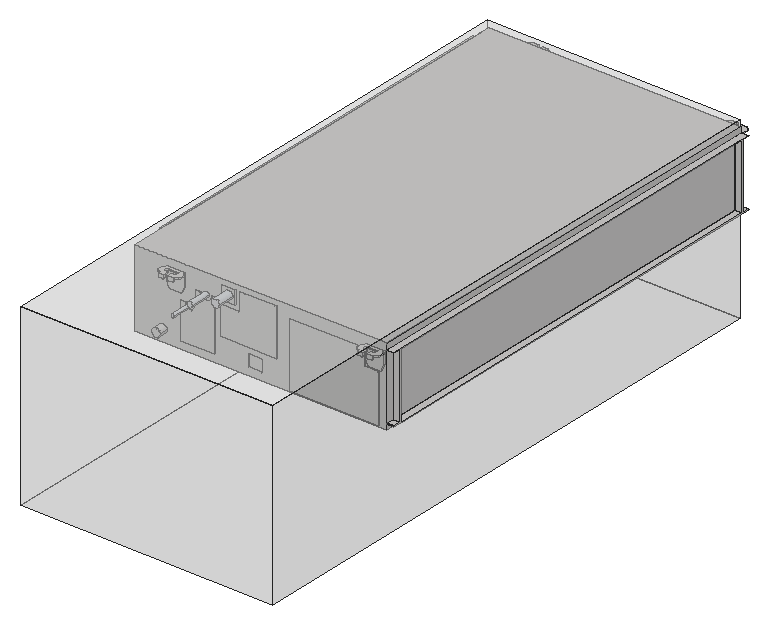
Revit family "outputfile", category 機械設備, Revit 2024
Family settings
  丸型コネクタ寸法 = 半径を使用
  パーツ タイプ = 標準
  OmniClass 番号 = 23.75.10.24.21.27.27
  OmniClass タイトル = Split System Air Conditioning Units
  作業面ベース = いいえ
  常に垂直 = はい
  ロード時にボイドで切り取り = いいえ
  注釈の向きを維持 = いいえ
  共有 = いいえ
  部屋計算ポイント = はい
Parameters (values of type "FXSQ100PAV4")
  Description = ""
  製造元 = "Daikin"
  書き出し IFC クラス(タイプ) = "IfcUnitaryEquipmentType"
  定義済み IFC タイプ(タイプ) = "AIRCONDITIONINGUNIT"
  Cost = 0
  モデル = "FXSQ100PAV4"
  Type Comments = ""
  Keynote = ""
  Type Image = (empty or 0)
  Assembly Code = ""
  r_Liquid Pipe Size = Liquid Pipe Size / 2  # 4.75 mm
  r_Gas Pipe Size = Gas Pipe Size / 2  # 7.95 mm
  r_Drain Pipe Size = Drain Pipe Size / 2  # 12.5 mm
  lw_power = 770.0 mm  # constant formula
  lh_SA = 138.0 mm  # constant formula
  lw_SA = if(Depth = 550.0 mm, 225.0 mm, if(Depth = 700.0 mm, 300.0 mm, if(Depth = 1000.0 mm, 450.0 mm, if(Depth = 1400.0 mm, 650.0 mm, 725.0 mm))))  # 650.0 mm
  lw_RA = if(Depth = 550.0 mm, 275.0 mm, if(Depth = 700.0 mm, 349.0 mm, if(Depth = 1000.0 mm, 499.0 mm, if(Depth = 1400.0 mm, 699.0 mm, 775.0 mm))))  # 699.0 mm
  lh_power = 60.0 mm + [h***]  # 60.0 mm
  lh_mountinghole1 = lh_mountinghole + [h***]  # 222.0 mm
  lh_RA = 123.0 mm  # constant formula
  ld_power = Depth / 2  # 700.0 mm
  Voltage_comment_60Hz = "220"
  Voltage_comment_50Hz = "220-240"
  Voltage_60Hz = 220 V
  Voltage_50Hz = 220 V
  URL = ""
  Supply Air Direction [instance] = yes
  Sound Power Level_H speed (dB) = 67
  Phase_60Hz = 1
  Phase_50Hz = 1
  Minimum External Static Pressure = 50.00 Pa
  Minimum Circuit Amps_60Hz = 2.5 A
  Minimum Circuit Amps_50Hz = 2.5 A
  Maximum Fuse Amps_60Hz = 16.0 A
  Maximum Fuse Amps_50Hz = 16.0 A
  Maximum External Static Pressure = 150.00 Pa
  Material_Casing = DAIKIN_GalvanizedSteel_Casing_indoorunit
  lw_mountinghole = 630.0 mm  # constant formula
  lh_gaspipe = 183.0 mm + [h***]  # 183.0 mm
  lh_mountinghole = 222.0 mm  # constant formula
  lh_liquidpipe = 136.0 mm + [h***]  # 136.0 mm
  lh_drainpipe = 207.0 mm + [h***]  # 207.0 mm
  lh_antena = Height - lh_mountinghole + 1.0 mm  # 24.0 mm
  ld_drainpipe = Depth / 2 + 53.0 mm  # 753.0 mm
  ld_liquidpipe = Depth / 2 + 69.0 mm  # 769.0 mm
  ld_gaspipe = Depth / 2 + 65.0 mm  # 765.0 mm
  ld_mountinghole = Depth + 38.0 mm  # 1438.0 mm
  h*** = 0.0 mm  # constant formula
  lw_liquidpipe = 179.0 mm  # constant formula
  lw_gaspipe = 229.0 mm  # constant formula
  lw_drainpipe = 300.0 mm  # constant formula
  Width = 800.0 mm
  Version = "ver.1.0"
  Unit Type = "Middle Static Pressure Duct Type"
  Unit Mass Weight = 46.00 kg
  Unit Designation [instance] = ""
  Uniclass2015Version = "Products v1.30"
  Uniclass2015Title = "Variable refrigerant flow units"
  Uniclass2015Code = "Pr_70_65_03_94"
  Total Heating Capacity [instance] = 0.000 kW
  Total Cooling Capacity [instance] = 0.000 kW
  Sound Pressure Level_M speed (dBA) = 0
  Sound Pressure Level_L speed (dBA) = 32
  Sound Pressure Level_H speed (dBA) = 39
  Series = "VRV Fan Coil Unit"
  Sensible Cooling Capacity [instance] = 0.000 kW
  SA Duct Size Width = if(Depth = 550.0 mm, 337.0 mm, if(Depth = 700.0 mm, 492.0 mm, if(Depth = 1000.0 mm, 792.0 mm, if(Depth = 1400.0 mm, 1192.0 mm, 1337.0 mm))))  # 1192.0 mm
  SA Duct Size Height = 176.0 mm
  Refrigerant Type = "R410A"
  RA Duct Size Width = if(Depth = 550.0 mm, 502.0 mm, if(Depth = 700.0 mm, 654.0 mm, if(Depth = 1000.0 mm, 952.0 mm, if(Depth = 1400.0 mm, 1352.0 mm, 1502.0 mm))))  # 1352.0 mm
  RA Duct Size Height = 208.0 mm
  Power Input (Heating) = 0.326 kW
  Power Input (Cooling) = 0.331 kW
  Option Accessory 3 [instance] = ""
  Option Accessory 2 [instance] = ""
  Option Accessory 1 [instance] = ""
  Nominal Heating Capacity = 12.500 kW
  Nominal Cooling Capacity = 11.200 kW
  Minimum Airflow = 1350.00 m³/h
  Median Airflow = 1620.00 m³/h
  Maximum Airflow = 1920.00 m³/h
  Load Classification = HVAC
  Liquid Pipe Size = 9.5 mm
  Link_Nested Family [instance] = ""
  IfcVersion = "0"
  IfcExportType = "AIRCONDITIONINGUNIT"
  IfcExportAs = "IfcUnitaryEquipmentType"
  Height = 245.0 mm
  Heating Entering Wet Bulb Temperature [instance] = 0.00 °C
  Heating Entering Dry Bulb Temperature [instance] = 0.00 °C
  Heating Ambient Wet Bulb Temperature [instance] = 0.00 °C
  Heating Ambient Dry Bulb Temperature [instance] = 0.00 °C
  Heat Exchanger Type = "Cross Fin Coil"
  Gas Pipe Size = 15.9 mm
  Frequency_60Hz = 60 Hz
  Frequency_50Hz = 50 Hz
  Fan Type = "Sirocco Fan"
  Fan Drive = "Direct Drive"
  FCU Tag No. [instance] = ""
  Drain Pipe Size = 25.0 mm
  Design Supply Airflow [instance] = 0.00 m³/h
  Design Return Airflow [instance] = 0.00 m³/h
  Design External Static Pressure [instance] = 0.00 Pa
  Depth = 1400.0 mm
  既定の高さ = 0.0 mm
  Cooling Entering Wet Bulb Temperature [instance] = 0.00 °C
  Cooling Entering Dry Bulb Temperature [instance] = 0.00 °C
  Cooling Ambient Wet Bulb Temperature [instance] = 0.00 °C
  Cooling Ambient Dry Bulb Temperature [instance] = 0.00 °C
  Clearance visibility [instance] = yes
  Clearance Top = 20.0 mm
  Clearance Right = 0.0 mm
  Clearance Rear = 0.0 mm
  Clearance Left = 0.0 mm
  Clearance Front = 450.0 mm
  Clearance Bottom = 300.0 mm
Reference planes
  plane 1 "Center (Front/Back)": y = 0
  plane 2 "h": z = 0
  plane 3 "Center (Left/Right)": x = 0
  plane 4 "Back": y = 700
  plane 5 "Front": y = -700
  plane 6 "Left": x = -400
  plane 7 "Reight": x = 400
  plane 8 "Top": z = 0
  plane 9 "Bottom": z = -245
  plane 10: y = -215
  plane 11: y = 700
  plane 12: y = -1150
  plane 13: x = -400
  plane 14: x = 400
  plane 15: z = 20
  plane 16: z = -545
  plane 17: x = -400
  plane 18: x = -399
  plane 19: x = 399
  plane 20: y = 50
  plane 21: y = -1
  plane 22: z = -122
  plane 23: y = -701
  plane 24: z = -109
  plane 25: x = -221
  plane 26: y = -765
  plane 27: z = -62
  plane 28: x = -171
  plane 29: y = -753
  plane 30: z = -38
  plane 31: x = -100
  plane 32: x = -100
  plane 33: x = -221
  plane 34: x = -171
  plane 35: x = 370
  plane 36: x = -266
  plane 37: x = 364
  plane 38: y = -719
  plane 39: y = 719
  plane 40: z = -23
  plane 41: z = -107
  plane 42: y = -770
  plane 43: z = -207
  plane 44: x = -309
  plane 45: y = -726
  plane 46: x = -251
  plane 47: x = -203
  plane 48: x = -144
  plane 49: z = -59
  plane 50: z = -106
  plane 51: z = -221
  plane 52: z = -109
  plane 53: x = -221
  plane 54: z = -62
  plane 55: x = -171
  plane 56: z = -17
  plane 57: z = -59
  plane 58: x = -121
  plane 59: x = -79
  plane 60: x = -125
  plane 61: x = -64
  plane 62: x = 53
  plane 63: z = -164
  plane 64: z = -73
  plane 65: z = -16
  plane 66: x = 93.5
  plane 67: x = 374.5
  plane 68: x = 330
  plane 69: z = -88.5
  plane 70: z = -38
  plane 71: z = -242.5
  plane 72: x = -38.5
  plane 73: x = 6.5
  plane 74: z = -181
  plane 75: z = -221
  plane 76: y = -699
  plane 77: x = -424
  plane 78: x = 424
Forms (mm)
  Extrusion 1, solid, material "DAIKIN_GalvanizedSteel_Casing_indoorunit" <- "Material_Casing"
    sketch origin (0, 0, 0) x (1, 0, 0) y (0, 1, 0)
      loop
        line (-399, 700) -> (-399, -700) -> (399, -700) -> (399, 700) -> (-399, 700)
    from -245 to 0
  Extrusion 2, solid, material "DAIKIN_GalvanizedSteel_Casing_indoorunit" <- "Material_Casing"
    sketch origin (0, 0, 0) x (1, 0, 0) y (0, 0, 1)
      loop
        line (-251, -221) -> (-144, -221) -> (-144, -59) -> (-154.47, -59)
        arc (-154.47, -59) -> (-171, -78.8) -> (-187.53, -59) r 16.8
        line (-187.53, -59) -> (-203, -59) -> (-203, -106) -> (-206.916, -106)
        arc (-206.916, -106) -> (-221, -123.4) -> (-235.084, -106) r 14.4
        line (-235.084, -106) -> (-251, -106) -> (-251, -221)
    from 700 to 701
  Extrusion 3, solid, material "DAIKIN_GalvanizedSteel_Casing_indoorunit" <- "Material_Casing"
    sketch origin (0, 0, 0) x (1, 0, 0) y (0, 0, 1)
      loop
        line (-121, -17) -> (-121, -59) -> (-79, -59) -> (-79, -17) -> (-121, -17)
      loop
        line (-125, -73) -> (-125, -164) -> (53, -164) -> (53, -16) -> (-64, -16) -> (-64, -73) -> (-125, -73)
    from 700 to 701
  Extrusion 4, solid, material "DAIKIN_GalvanizedSteel_Casing_indoorunit" <- "Material_Casing"
    sketch origin (0, 0, 0) x (1, 0, 0) y (0, 0, 1)
      loop
        line (93.5, -38) -> (93.5, -242.5) -> (374.5, -242.5) -> (374.5, -88.5) -> (330, -88.5) -> (330, -38) -> (93.5, -38)
    from 700 to 701
  Extrusion 5, solid
    sketch origin (0, 0, 0) x (1, 0, 0) y (0, 0, 1)
      loop
        circle (-221, -109) r 4.75
    from 700 to 770
  Extrusion 6, solid
    sketch origin (0, 0, 0) x (1, 0, 0) y (0, 0, 1)
      loop
        circle (-171, -62) r 7.95
    from 700 to 765
  Extrusion 7, solid
    sketch origin (0, 0, 0) x (1, 0, 0) y (0, 0, 1)
      loop
        circle (-100, -38) r 12.5
    from 701 to 753
  Extrusion 8, solid, material "DAIKIN_GalvanizedSteel_Casing_indoorunit" <- "Material_Casing"
    sketch origin (0, 0, 0) x (1, 0, 0) y (0, 0, 1)
      loop
        circle (-309, -207) r 13
    from 700 to 726
  Extrusion 9, void
    sketch origin (0, 0, 0) x (1, 0, 0) y (0, 0, 1)
      loop
        line (-38.5, -181) -> (-38.5, -221) -> (6.5, -221) -> (6.5, -181) -> (-38.5, -181)
    from 699 to 700
Cuts and joins
  Extrusion 9 cuts Extrusion 1
Dimensions and locks
  "Height": plane 8 "Top" to plane 9 "Bottom"
  equal spacing: plane 4 "Back", plane 1 "Center (Front/Back)", plane 5 "Front"
  "Depth": plane 4 "Back" to plane 5 "Front"
  equal spacing: plane 6 "Left", plane 3 "Center (Left/Right)", plane 7 "Reight"
  "Width": plane 6 "Left" to plane 7 "Reight"
  "Clearance Left": plane 13 to plane 6 "Left"
  "Clearance Right": plane 7 "Reight" to plane 14
  "Clearance Rear": plane 11 to plane 4 "Back"
  "Clearance Front": plane 5 "Front" to plane 12
  "Clearance Top": plane 15 to plane 8 "Top"
  "Clearance Bottom": plane 9 "Bottom" to plane 16
  locked: plane 17 to plane 18 at 1
  locked: plane 19 to plane 14 at 1
  "lw_SA": plane 11 to plane 20
  "lw_RA": plane 21 to plane 5 "Front"
  "lh_RA": plane 22 to plane 9 "Bottom"
  locked: plane 5 "Front" to plane 23 at 1
  "lw_liquidpipe": plane 25 to plane 6 "Left"
  "lh_liquidpipe": plane 24 to plane 9 "Bottom"
  "lh_gaspipe": plane 27 to plane 9 "Bottom"
  "lw_gaspipe": plane 28 to plane 6 "Left"
  "ld_gaspipe": plane 26 to plane 1 "Center (Front/Back)"
  "ld_drainpipe": plane 29 to plane 1 "Center (Front/Back)"
  "lh_drainpipe": plane 30 to plane 9 "Bottom"
  "lw_drainpipe": plane 31 to plane 6 "Left"
  "lw_drainpipe": plane 6 "Left" to plane 32
  "lw_liquidpipe": plane 6 "Left" to plane 33
  "lw_gaspipe": plane 6 "Left" to plane 34
  "lw_power": plane 6 "Left" to plane 35
  locked: plane 17 to plane 36 at 134
  "lw_mountinghole": plane 36 to plane 37
  equal spacing: plane 38, plane 1 "Center (Front/Back)", plane 39
  "ld_mountinghole": plane 39 to plane 38
  "lh_mountinghole": plane 40 to plane 9 "Bottom"
  "lh_SA": plane 41 to plane 9 "Bottom"
  "ld_liquidpipe": plane 21 to plane 42
  locked: plane 44 to plane 6 "Left" at 91
  locked: plane 43 to plane 9 "Bottom" at 38
  locked: plane 5 "Front" to plane 45 at 26
  plane 48 to plane 47 to plane 46 to plane 6 "Left" = 59.0 mm, 48.0 mm, 149.0 mm
  plane 8 "Top" to plane 49 to plane 50 to plane 51 = 59.0 mm locked, 47.0 mm locked, 115.0 mm locked
  plane 55 to plane 53 to plane 6 "Left" = 50.0 mm locked, 179.0 mm locked
  plane 54 to plane 52 to plane 9 "Bottom" = 47.0 mm locked, 136.0 mm locked
  plane 59 to plane 58 to plane 6 "Left" = 42.0 mm locked, 279.0 mm locked
  plane 8 "Top" to plane 56 to plane 57 = 17.0 mm locked, 42.0 mm locked
  plane 62 to plane 61 to plane 60 to plane 6 "Left" = 117.0 mm, 61.0 mm, 275.0 mm
  plane 8 "Top" to plane 65 to plane 64 = 16.0 mm locked, 57.0 mm locked
  locked: plane 65 to plane 63 at 148
  plane 8 "Top" to plane 70 to plane 69 to plane 71 = 38.0 mm locked, 50.5 mm locked, 154.0 mm locked
  plane 67 to plane 68 to plane 66 to plane 6 "Left" = 44.5 mm locked, 236.5 mm locked, 493.5 mm locked
  plane 8 "Top" to plane 74 to plane 75 = 181.0 mm locked, 40.0 mm locked
  plane 73 to plane 72 to plane 6 "Left" = 45.0 mm, 361.5 mm
  locked: plane 76 to plane 5 "Front" at 1
  locked: plane 77 to plane 17 at 24
  locked: plane 14 to plane 78 at 24
  locked: Extrusion 4 sketch curve to plane 9 "Bottom" at 2.5
  "r_Liquid Pipe Size": radius of Extrusion 5 sketch curve
  "r_Gas Pipe Size": radius of Extrusion 6 sketch curve
  "r_Drain Pipe Size": radius of Extrusion 7 sketch curve
  aligned and locked: level to plane 2 "h"
  aligned and locked: plane 8 "Top" to Extrusion 1
  aligned and locked: Extrusion 1 to plane 9 "Bottom"
  aligned and locked: nested 5 to plane 12
  aligned and locked: plane 13 to nested 5
  aligned and locked: plane 14 to nested 5
  aligned and locked: nested 5 to plane 13
  aligned and locked: plane 11 to nested 5
  aligned and locked: plane 15 to nested 5
  aligned and locked: plane 16 to nested 5
  aligned and locked: plane 5 "Front" to Extrusion 1 sketch curve
  aligned and locked: Extrusion 1 to plane 18
  aligned and locked: plane 19 to Extrusion 1
  aligned and locked: nested 7 to plane 18
  aligned and locked: nested 7 to plane 20
  aligned and locked: plane 19 to nested 8
  aligned and locked: plane 21 to nested 8
  aligned and locked: plane 22 to nested 8
  aligned and locked: Extrusion 2 to plane 23
  aligned and locked: plane 5 "Front" to Extrusion 2
  aligned and locked: Extrusion 3 to plane 23
  aligned and locked: plane 5 "Front" to Extrusion 3
  aligned and locked: plane 5 "Front" to Extrusion 4
  aligned and locked: Extrusion 5 sketch curve to plane 25
  aligned and locked: plane 24 to Extrusion 5 sketch curve
  aligned and locked: plane 5 "Front" to Extrusion 5
  aligned and locked: Extrusion 6 sketch curve to plane 28
  aligned and locked: plane 27 to Extrusion 6 sketch curve
  aligned and locked: plane 5 "Front" to Extrusion 6
  aligned and locked: Extrusion 7 sketch curve to plane 31
  aligned and locked: Extrusion 7 sketch curve to plane 30
  aligned and locked: Extrusion 7 to plane 29
  aligned and locked: plane 23 to Extrusion 7
  aligned and locked: nested 3 to plane 29
  aligned and locked: nested 3 to plane 32
  aligned and locked: nested 2 to plane 33
  aligned and locked: nested 1 to plane 34
  aligned and locked: Extrusion 6 to plane 26
  aligned and locked: nested 1 to plane 26
  aligned and locked: nested 6 to plane 5 "Front"
  aligned and locked: nested 6 to plane 35
  aligned and locked: plane 36 to nested 10
  aligned and locked: nested 10 to plane 5 "Front"
  aligned and locked: plane 37 to nested 9
  aligned and locked: nested 9 to plane 5 "Front"
  aligned and locked: nested 11 to plane 36
  aligned and locked: plane 4 "Back" to nested 11
  aligned and locked: nested 12 to plane 37
  aligned and locked: plane 4 "Back" to nested 12
  aligned and locked: plane 40 to nested 10
  aligned and locked: plane 40 to nested 11
  aligned and locked: plane 40 to nested 9
  aligned and locked: plane 40 to nested 12
  aligned and locked: plane 36 to nested 14
  aligned and locked: nested 14 to plane 39
  aligned and locked: plane 37 to nested 13
  aligned and locked: nested 13 to plane 39
  aligned and locked: plane 37 to nested 16
  aligned and locked: plane 38 to nested 16
  aligned and locked: plane 38 to nested 15
  aligned and locked: plane 36 to nested 15
  aligned and locked: plane 17 to plane 6 "Left"
  aligned and locked: plane 41 to nested 7
  aligned and locked: Extrusion 5 to plane 42
  aligned and locked: nested 2 to plane 42
  aligned and locked: Extrusion 8 sketch curve to plane 44
  aligned and locked: plane 43 to Extrusion 8 sketch curve
  aligned and locked: plane 5 "Front" to Extrusion 8
  aligned and locked: plane 45 to Extrusion 8
  aligned and locked: Extrusion 3 sketch curve to plane 56
  aligned and locked: Extrusion 3 sketch curve to plane 58
  aligned and locked: plane 57 to Extrusion 3 sketch curve
  aligned and locked: plane 59 to Extrusion 3 sketch curve
  aligned and locked: Extrusion 4 to plane 23
  aligned and locked: Extrusion 9 sketch curve to plane 74
  aligned and locked: plane 75 to Extrusion 9 sketch curve
  aligned and locked: plane 73 to Extrusion 9 sketch curve
  aligned and locked: plane 5 "Front" to Extrusion 9
  aligned and locked: plane 76 to Extrusion 9
  aligned and locked: nested 17 to plane 20
  aligned and locked: nested 17 to plane 77
  aligned and locked: plane 21 to nested 18
  aligned and locked: plane 78 to nested 18
  aligned and locked: plane 41 to nested 17
  aligned and locked: nested 18 to plane 22
  aligned and locked: nested 4 to plane 3 "Center (Left/Right)"
  aligned and locked: plane 1 "Center (Front/Back)" to nested 4
  aligned and locked: level to plane 8 "Top"
Automatic sketch dimensions
  plane 6 "Left" to Extrusion 1 sketch curve = 1.0 mm
  Extrusion 1 sketch curve to plane 7 "Reight" = 1.0 mm
  Extrusion 1 sketch curve to plane 4 "Back" = 0.0 mm
  Extrusion 2 sketch curve to plane 46 = 0.0 mm
  Extrusion 2 sketch curve to plane 33 = 0.0 mm
  Extrusion 2 sketch curve to plane 47 = 0.0 mm
  Extrusion 2 sketch curve to plane 34 = 0.0 mm
  Extrusion 2 sketch curve to plane 48 = 0.0 mm
  Extrusion 2 sketch curve to plane 52 = 0.0 mm
  Extrusion 2 sketch curve to plane 50 = 0.0 mm  (x3)
  Extrusion 2 sketch curve to plane 54 = 0.0 mm
  Extrusion 2 sketch curve to plane 49 = 0.0 mm  (x3)
  plane 33 to Extrusion 2 sketch curve = 14.084 mm
  plane 34 to Extrusion 2 sketch curve = 16.53 mm
  Extrusion 3 sketch curve to plane 60 = 0.0 mm
  Extrusion 3 sketch curve to plane 61 = 0.0 mm
  Extrusion 3 sketch curve to plane 62 = 0.0 mm
  Extrusion 3 sketch curve to plane 64 = 0.0 mm
  Extrusion 3 sketch curve to plane 65 = 0.0 mm
  Extrusion 4 sketch curve to plane 66 = 0.0 mm
  Extrusion 4 sketch curve to plane 68 = 0.0 mm
  Extrusion 4 sketch curve to plane 67 = 0.0 mm
  Extrusion 4 sketch curve to plane 69 = 0.0 mm
  Extrusion 4 sketch curve to plane 70 = 0.0 mm
  Extrusion 9 sketch curve to plane 72 = 0.0 mm
  Extrusion 2 sketch curve to plane 51 = 0.0 mm
  Extrusion 3 sketch curve to plane 63 = 0.0 mm
  radius of Extrusion 8 sketch curve = 13.0 mm
Nested families
  nested 1: "daikin_connector_rotate2" at (-171, 0, -62), length <- "ld_gaspipe", built-in parameter 1001364 <- "lh_gaspipe", radius <- "r_Gas Pipe Size", type "daikin_connector_rotate2"
    with radius 7.95 mm, length 765.0 mm, angle_vertical 90.00°
  nested 2: "daikin_connector_rotate2" at (-221, -1, -109), length <- "ld_liquidpipe", built-in parameter 1001364 <- "lh_liquidpipe", radius <- "r_Liquid Pipe Size", type "daikin_connector_rotate2"
    with radius 4.75 mm, length 769.0 mm, angle_vertical 90.00°
  nested 3: "daikin_connector_rotate2" at (-100, 0, -38), length <- "ld_drainpipe", built-in parameter 1001364 <- "lh_drainpipe", radius <- "r_Drain Pipe Size", type "daikin_connector_rotate2"
    with radius 12.5 mm, length 753.0 mm, angle_vertical 90.00°
  nested 4: "daikin_△_symbolicline" at (0, 0, 245) x (0, -1, 0) z (0, 0, 1), built-in parameter 1001364 <- "Height", visible <- "Supply Air Direction", type "daikin_△_symbolicline"
    with length 200.0 mm
  nested 5: "daikin_clearancespace" at (0, -225, -262.381), visible <- "Clearance visibility", show <- "Clearance visibility", Link_Nested Family <- "Link_Nested Family", type "daikin_clearancespace"
    with width 800.0 mm, show yes, height 565.0 mm, depth 1850.0 mm, Link_Nested Family ""
  nested 6: "daikin_connector_rotate2" at (370, 0, -185), built-in parameter 1001364 <- "lh_power", length <- "ld_power", type "daikin_connector_rotate2"
    with radius 10.0 mm, length 700.0 mm, angle_vertical 90.00°
  nested 7: "daikin_ductflange_FXSQ-PAV4_2" at (-399, 50, -107) x (0, -1, 0) z (0, 0, 1), type "daikin_ductflange_FXSQ-PAV4_2"
    with width 1192.0 mm, w 1400.0 mm
  nested 8: "daikin_ductflange_FXSQ-PAV4_1" at (399, -1, -122) x (0, 1, 0) z (0, 0, 1), type "daikin_ductflange_FXSQ-PAV4_1"
    with width 1352.0 mm, w 1400.0 mm
  nested 9: "daikin_hangerfixture_FXSQ-PAV4" at (364, -700, -23), type "daikin_hangerfixture_FXSQ-PAV4"
  nested 10: "daikin_hangerfixture_FXSQ-PAV4" at (-266, -700, -23), type "daikin_hangerfixture_FXSQ-PAV4"
  nested 11: "daikin_hangerfixture_FXSQ-PAV4" at (-266, 700, -23) x (-1, 0, 0) z (0, 0, 1), type "daikin_hangerfixture_FXSQ-PAV4"
  nested 12: "daikin_hangerfixture_FXSQ-PAV4" at (364, 700, -23) x (-1, 0, 0) z (0, 0, 1), type "daikin_hangerfixture_FXSQ-PAV4"
  nested 13: "daikin_mountinghole" at (364, 719, -245), h_mountinghole <- "lh_mountinghole1", l_antenna <- "lh_antena", Link_Nested Family <- "Link_Nested Family", type "daikin_mountinghole"
    with show yes, l_antenna 24.0 mm, h_mountinghole 222.0 mm, Link_Nested Family ""
  nested 14: "daikin_mountinghole" at (-266, 719, -245), h_mountinghole <- "lh_mountinghole1", l_antenna <- "lh_antena", Link_Nested Family <- "Link_Nested Family", type "daikin_mountinghole"
    with show yes, l_antenna 24.0 mm, h_mountinghole 222.0 mm, Link_Nested Family ""
  nested 15: "daikin_mountinghole" at (-266, -719, -245), h_mountinghole <- "lh_mountinghole1", l_antenna <- "lh_antena", Link_Nested Family <- "Link_Nested Family", type "daikin_mountinghole"
    with show yes, l_antenna 24.0 mm, h_mountinghole 222.0 mm, Link_Nested Family ""
  nested 16: "daikin_mountinghole" at (364, -719, -245), h_mountinghole <- "lh_mountinghole1", l_antenna <- "lh_antena", Link_Nested Family <- "Link_Nested Family", type "daikin_mountinghole"
    with show yes, l_antenna 24.0 mm, h_mountinghole 222.0 mm, Link_Nested Family ""
  nested 17: "daikin_connector_rotate2" at (-400, 50, -107) x (0, -1, 0) z (0, 0, 1), type "daikin_connector_rotate2"
    with radius 10.0 mm, length 24.0 mm, angle_vertical 90.00°
  nested 18: "daikin_connector_rotate2" at (400, -1, -122) x (0, 1, 0) z (0, 0, 1), type "daikin_connector_rotate2"
    with radius 10.0 mm, length 24.0 mm, angle_vertical 90.00°
Connectors
  piping at (-100, -753, -38), diameter 25, driven by "r_Drain Pipe Size"
    settings: on nested 3, index 3, connector inside diameter 609.6 mm, connector length 0.0 mm, flow factor 0, pipe flow 0.00 m³/h, pressure drop 0.0 Pa, fitting loss kfactor 0, connector angle 0.00°, fixture units 0, engagement length 0.0 mm, angle of deflection 0.00°, flow configuration 1, flow direction 2, fitting loss method 4, system type 16, joint type 0, gender type 0, connector reference index -1, connector utility 0, adjustable connector no, is connector primary yes, connector description "Condensate Drain Piping"
  piping at (-171, -765, -62), diameter 15.9, driven by "r_Gas Pipe Size"
    settings: on nested 1, index 4, connector inside diameter 609.6 mm, connector length 0.0 mm, flow factor 0, pipe flow 0.00 m³/h, pressure drop 0.0 Pa, fitting loss kfactor 0, connector angle 0.00°, fixture units 0, engagement length 0.0 mm, angle of deflection 0.00°, flow configuration 1, flow direction 2, fitting loss method 0, system type 29, joint type 0, gender type 0, connector reference index -1, connector utility 0, adjustable connector no, is connector primary no, connector description "Refrigerant Gas Piping"
  piping at (-221, -770, -109), diameter 9.5, driven by "r_Liquid Pipe Size"
    settings: on nested 2, index 5, connector inside diameter 609.6 mm, connector length 0.0 mm, flow factor 0, pipe flow 0.00 m³/h, pressure drop 0.0 Pa, fitting loss kfactor 0, connector angle 0.00°, fixture units 0, engagement length 0.0 mm, angle of deflection 0.00°, flow configuration 1, flow direction 1, fitting loss method 0, system type 29, joint type 0, gender type 0, connector reference index -1, connector utility 0, adjustable connector no, is connector primary no, connector description "Refrigerant Liquid Piping"
  electrical at (370, -700, -185), driven by "Load Classification"
    settings: on nested 6, index 6, voltage 0 V, apparent load 0 VA, apparent load phase1 0 VA, apparent load phase2 0 VA, apparent load phase3 0 VA, power factor 1, load classification "HVAC", number of poles 1, system type 30, power factor state 1, is connector primary yes, connector utility no, sub classification motor no, connector description "Power Supply"
  hvac at (-424, 50, -107), driven by "SA Duct Size Height", driven by "SA Duct Size Width"
    settings: on nested 17, index 7, duct flow 0.00 m³/h, flow factor 0, pres drop 0.00 Pa, loss coef 0, conn angle 0.00°, conn width 1192.0 mm, conn height 176.0 mm, conn diameter 609.6 mm, duct sys type 1, conn prof type 1, flow config 0, flow direction 2, loss method 4, conn ref index -1, conn util no, is conn primary yes, conn desc "SA Duct"
  hvac at (424, -1, -122), driven by "RA Duct Size Height", driven by "RA Duct Size Width"
    settings: on nested 18, index 8, duct flow 0.00 m³/h, flow factor 0, pres drop 0.00 Pa, loss coef 0, conn angle 0.00°, conn width 1352.0 mm, conn height 208.0 mm, conn diameter 609.6 mm, duct sys type 2, conn prof type 1, flow config 0, flow direction 1, loss method 4, conn ref index -1, conn util no, is conn primary no, conn desc "RA Duct"
Definition of nested family "daikin_clearancespace"
  Parameters (values of type "daikin_clearancespace")
    width [instance] = 1823.963 mm
    show [instance] = yes
    material = none
    height [instance] = 1359.762 mm
    depth [instance] = 880.0 mm
    Default Elevation = 0.0 mm
    Link_Nested Family [instance] = ""
  Reference planes
    plane 1 "Center (Front/Back)": y = 0
    plane 2 "Center (Elevation)": z = -0.119
    plane 3 "Center (Left/Right)": x = 0
    plane 4: y = 440
    plane 5: y = -440
    plane 6 "Right": x = 911.982
    plane 7 "Left": x = -911.982
    plane 8 "Top": z = 679.762
    plane 9 "Bottom": z = -680
  Forms (mm)
    Extrusion 1, solid, material <- "material", visible <- "show"
      sketch origin (0, 0, 0) x (1, 0, 0) y (0, 1, 0)
        loop
          line (-911.982, 440) -> (-911.982, -440) -> (911.982, -440) -> (911.982, 440) -> (-911.982, 440)
      from -680 to 679.762
  Lines and regions (mm)
    symbolic lines, visible <- "show"
      curve 1: line (911.982, 440, 0) -> (-911.982, 440, 0)
      curve 2: line (-911.982, 440, 0) -> (-911.982, -440, 0)
      curve 3: line (-911.982, -440, 0) -> (911.982, -440, 0)
      curve 4: line (911.982, -440, 0) -> (911.982, 440, 0)
      curve 5: line (911.982, 0, 679.762) -> (-911.982, 0, 679.762)
      curve 6: line (911.982, 0, -680) -> (911.982, 0, 679.762)
      curve 7: line (-911.982, 0, -680) -> (911.982, 0, -680)
      curve 8: line (-911.982, 0, 679.762) -> (-911.982, 0, -680)
      curve 9: line (0, 440, 679.762) -> (0, -440, 679.762)
      curve 10: line (0, -440, 679.762) -> (0, -440, -680)
      curve 11: line (0, 440, -680) -> (0, 440, 679.762)
      curve 12: line (0, -440, -680) -> (0, 440, -680)
  Dimensions and locks
    "width": plane 7 "Left" to plane 6 "Right"
    "depth": plane 4 to plane 5
    "height": plane 8 "Top" to plane 9 "Bottom"
    equal spacing: plane 7 "Left", plane 3 "Center (Left/Right)", plane 6 "Right"
    equal spacing: plane 4, plane 1 "Center (Front/Back)", plane 5
    equal spacing: plane 8 "Top", plane 2 "Center (Elevation)", plane 9 "Bottom"
    aligned and locked: level to plane 2 "Center (Elevation)"
    aligned and locked: Extrusion 1 sketch curve to plane 4
    aligned and locked: plane 7 "Left" to Extrusion 1 sketch curve
    aligned and locked: Extrusion 1 sketch curve to plane 5
    aligned and locked: Extrusion 1 sketch curve to plane 6 "Right"
    aligned and locked: plane 8 "Top" to Extrusion 1
    aligned and locked: curve 1 to Extrusion 1
    aligned and locked: curve 2 to Extrusion 1
    aligned and locked: curve 3 to Extrusion 1
    aligned and locked: curve 4 to Extrusion 1
    aligned and locked: curve 5 to Extrusion 1
    aligned and locked: curve 6 to Extrusion 1
    aligned and locked: curve 7 to Extrusion 1
    aligned and locked: curve 8 to Extrusion 1
    aligned and locked: curve 9 to Extrusion 1
    aligned and locked: curve 10 to Extrusion 1
    aligned and locked: curve 11 to Extrusion 1
    aligned and locked: curve 12 to Extrusion 1
    aligned and locked: Extrusion 1 to plane 9 "Bottom"
Definition of nested family "daikin_ductflange_FXSQ-PAV4_2"
  Parameters (values of type "daikin_ductflange_FXMQ-PAVE2")
    width = if(w = 550.0 mm, 337.0 mm, if(w = 700.0 mm, 492.0 mm, if(w = 1000.0 mm, 792.0 mm, if(w = 1400.0 mm, 1192.0 mm, 1337.0 mm))))  # 337.0 mm
    material = none
    height = 215.0 mm
    depth = 1.0 mm
    w = 550.0 mm
    Default Elevation = 0.0 mm
  Reference planes
    plane 1 "Center (Front/Back)": y = 0
    plane 2: z = 0
    plane 3 "Center (Left/Right)": x = 0
    plane 4: z = 88
    plane 5: z = -88
    plane 6: y = -25
    plane 7: z = 106
    plane 8: z = 89
    plane 9: y = -1
    plane 10: x = -192.5
    plane 11: x = 192.5
    plane 12: z = -106
    plane 13: z = -89
    plane 14: y = -1
    plane 15: x = 168.5
    plane 16: x = -168.5
    plane 17: x = 169.5
    plane 18: z = 87
    plane 19: z = -87
    plane 20: x = -169.5
    plane 21: z = 87
    plane 22: z = -87
    plane 23: y = -1
  Forms (mm)
    Extrusion 1, solid, material <- "material"
      sketch origin (0, 0, 0) x (0, 1, 0) y (0, 0, 1)
        loop
          line (-25, 88) -> (0, 88) -> (0, 106) -> (-1, 106) -> (-1, 89) -> (-25, 89) -> (-25, 88)
      from -192.5 to 192.5
    Extrusion 2, solid, material <- "material"
      sketch origin (0, 0, 0) x (0, 1, 0) y (0, 0, 1)
        loop
          line (-25, -88) -> (-25, -89) -> (-1, -89) -> (-1, -106) -> (0, -106) -> (0, -88) -> (-25, -88)
      from -192.5 to 192.5
    Extrusion 3, solid, material <- "material"
      sketch origin (0, 0, 0) x (1, 0, 0) y (0, 0, 1)
        loop
          line (168.5, 88) -> (168.5, -88) -> (192.5, -88) -> (192.5, -87) -> (169.5, -87) -> (169.5, 87) -> (192.5, 87) -> (192.5, 88) -> (168.5, 88)
      from 0 to 25
    Extrusion 4, solid, material <- "material"
      sketch origin (0, 0, 0) x (1, 0, 0) y (0, 0, 1)
        loop
          line (-192.5, 88) -> (-192.5, 87) -> (-169.5, 87) -> (-169.5, -87) -> (-192.5, -87) -> (-192.5, -88) -> (-168.5, -88) -> (-168.5, 88) -> (-192.5, 88)
      from 0 to 25
    Extrusion 5, solid, material <- "material"
      sketch origin (0, 0, 0) x (1, 0, 0) y (0, 0, 1)
        loop
          line (-192.5, 88) -> (-192.5, -88) -> (-168.5, -88) -> (-168.5, 88) -> (-192.5, 88)
        loop
          line (192.5, 88) -> (168.5, 88) -> (168.5, -88) -> (192.5, -88) -> (192.5, 88)
      from 0 to 1
  Cuts and joins
    joined: Extrusion 1, Extrusion 2, Extrusion 3, Extrusion 4, Extrusion 5
  Dimensions and locks
    plane 4 to level to plane 5 = 88.0 mm, 88.0 mm
    locked: plane 6 to plane 1 "Center (Front/Back)" at 25
    locked: plane 9 to plane 1 "Center (Front/Back)" at 1
    locked: plane 8 to plane 4 at 1
    locked: plane 16 to plane 10 at 24
    locked: plane 17 to plane 15 at 1
    locked: plane 4 to plane 18 at 1
    locked: plane 19 to plane 5 at 1
    "width": plane 15 to plane 16
    plane 4 to plane 5 = 176.0 mm
    locked: plane 16 to plane 20 at 1
    locked: plane 4 to plane 21 at 1
    locked: plane 22 to plane 5 at 1
    locked: plane 23 to plane 1 "Center (Front/Back)" at 1
    plane 4 to level to plane 5 = 88.0 mm locked, 88.0 mm locked
    locked: plane 5 to plane 13 at 1
    locked: plane 5 to plane 12 at 18
    locked: plane 7 to plane 4 at 18
    equal spacing: plane 15, plane 3 "Center (Left/Right)", plane 16
    locked: plane 11 to plane 15 at 24
    plane 11 to plane 10 = 385.0 mm
    aligned and locked: level to plane 2
    aligned and locked: Extrusion 1 to plane 10
    aligned and locked: plane 11 to Extrusion 1
    aligned and locked: plane 5 to Extrusion 2
    aligned and locked: Extrusion 2 to plane 1 "Center (Front/Back)"
    aligned and locked: plane 15 to Extrusion 3 sketch curve
    aligned and locked: Extrusion 3 sketch curve to Extrusion 2  (x2)
    aligned and locked: Extrusion 3 sketch curve to plane 11
    aligned and locked: plane 6 to Extrusion 3
    aligned and locked: Extrusion 2 to plane 10
    aligned and locked: plane 11 to Extrusion 2
    aligned and locked: Extrusion 4 sketch curve to Extrusion 1  (x2)
    aligned and locked: plane 5 to Extrusion 4 sketch curve
    aligned and locked: Extrusion 4 sketch curve to plane 16
    aligned and locked: Extrusion 4 sketch curve to plane 22
    aligned and locked: plane 20 to Extrusion 4 sketch curve
    aligned and locked: plane 21 to Extrusion 4 sketch curve
    aligned and locked: Extrusion 4 to plane 1 "Center (Front/Back)"
    aligned and locked: plane 6 to Extrusion 4
    aligned and locked: Extrusion 5 sketch curve to Extrusion 1  (x4)
    aligned and locked: Extrusion 5 sketch curve to Extrusion 4  (x2)
    aligned and locked: Extrusion 5 sketch curve to Extrusion 3  (x2)
    aligned and locked: Extrusion 5 to plane 1 "Center (Front/Back)"
    aligned and locked: plane 23 to Extrusion 5
  Automatic sketch dimensions
    Extrusion 1 sketch curve to plane 6 = 0.0 mm
    Extrusion 1 sketch curve to plane 7 = 0.0 mm
    Extrusion 1 sketch curve to plane 9 = 0.0 mm
    Extrusion 1 sketch curve to plane 1 "Center (Front/Back)" = 0.0 mm
    Extrusion 1 sketch curve to plane 4 = 0.0 mm
    Extrusion 1 sketch curve to plane 8 = 0.0 mm
    Extrusion 2 sketch curve to plane 6 = 0.0 mm
    plane 12 to Extrusion 2 sketch curve = 0.0 mm
    Extrusion 2 sketch curve to plane 14 = 0.0 mm
    Extrusion 2 sketch curve to plane 1 "Center (Front/Back)" = 0.0 mm
    plane 13 to Extrusion 2 sketch curve = 0.0 mm
    Extrusion 2 sketch curve to plane 5 = 0.0 mm
    Extrusion 3 sketch curve to plane 17 = 0.0 mm
    Extrusion 3 sketch curve to plane 19 = 0.0 mm
    Extrusion 3 sketch curve to plane 18 = 0.0 mm
    Extrusion 3 sketch curve to plane 4 = 0.0 mm
    Extrusion 4 sketch curve to plane 10 = 0.0 mm
Definition of nested family "daikin_ductflange_FXSQ-PAV4_1"
  Parameters (values of type "daikin_ductflange_FXMQ-PAVE")
    width = if(w = 550.0 mm, 502.0 mm, if(w = 700.0 mm, 654.0 mm, if(w = 1000.0 mm, 952.0 mm, if(w = 1400.0 mm, 1352.0 mm, 1502.0 mm))))  # 502.0 mm
    material = none
    height = 208.0 mm
    depth = 1.0 mm
    w = 550.0 mm
    Default Elevation = 0.0 mm
  Reference planes
    plane 1 "Center (Front/Back)": y = 0
    plane 2: z = 0
    plane 3 "Center (Left/Right)": x = 0
    plane 4: z = 104
    plane 5: z = -104
    plane 6: y = -25
    plane 7: z = 121
    plane 8: z = 105
    plane 9: y = -1
    plane 10: x = -275
    plane 11: x = 275
    plane 12: z = -122
    plane 13: z = -105
    plane 14: y = -1
    plane 15: x = 251
    plane 16: x = -251
    plane 17: x = 252
    plane 18: z = 103
    plane 19: z = -103
    plane 20: x = -252
    plane 21: z = 103
    plane 22: z = -103
    plane 23: y = -1
  Forms (mm)
    Extrusion 1, solid, material <- "material"
      sketch origin (0, 0, 0) x (0, 1, 0) y (0, 0, 1)
        loop
          line (-25, 104) -> (0, 104) -> (0, 121) -> (-1, 121) -> (-1, 105) -> (-25, 105) -> (-25, 104)
      from -275 to 275
    Extrusion 2, solid, material <- "material"
      sketch origin (0, 0, 0) x (0, 1, 0) y (0, 0, 1)
        loop
          line (-25, -104) -> (-25, -105) -> (-1, -105) -> (-1, -122) -> (0, -122) -> (0, -104) -> (-25, -104)
      from -275 to 275
    Extrusion 3, solid, material <- "material"
      sketch origin (0, 0, 0) x (1, 0, 0) y (0, 0, 1)
        loop
          line (251, 104) -> (251, -104) -> (275, -104) -> (275, -103) -> (252, -103) -> (252, 103) -> (275, 103) -> (275, 104) -> (251, 104)
      from 0 to 25
    Extrusion 4, solid, material <- "material"
      sketch origin (0, 0, 0) x (1, 0, 0) y (0, 0, 1)
        loop
          line (-275, 104) -> (-275, 103) -> (-252, 103) -> (-252, -103) -> (-275, -103) -> (-275, -104) -> (-251, -104) -> (-251, 104) -> (-275, 104)
      from 0 to 25
    Extrusion 5, solid, material <- "material"
      sketch origin (0, 0, 0) x (1, 0, 0) y (0, 0, 1)
        loop
          line (-275, 104) -> (-275, -104) -> (-251, -104) -> (-251, 104) -> (-275, 104)
        loop
          line (275, 104) -> (251, 104) -> (251, -104) -> (275, -104) -> (275, 104)
      from 0 to 1
  Cuts and joins
    joined: Extrusion 1, Extrusion 2, Extrusion 3, Extrusion 4, Extrusion 5
  Dimensions and locks
    plane 4 to level to plane 5 = 104.0 mm, 104.0 mm
    locked: plane 6 to plane 1 "Center (Front/Back)" at 25
    locked: plane 9 to plane 1 "Center (Front/Back)" at 1
    locked: plane 8 to plane 4 at 1
    locked: plane 11 to plane 15 at 24
    locked: plane 16 to plane 10 at 24
    locked: plane 17 to plane 15 at 1
    locked: plane 4 to plane 18 at 1
    locked: plane 19 to plane 5 at 1
    "width": plane 15 to plane 16
    equal spacing: plane 15, plane 3 "Center (Left/Right)", plane 16
    locked: plane 16 to plane 20 at 1
    locked: plane 4 to plane 21 at 1
    locked: plane 22 to plane 5 at 1
    locked: plane 23 to plane 1 "Center (Front/Back)" at 1
    locked: plane 7 to plane 4 at 17
    locked: plane 1 "Center (Front/Back)" to plane 14 at 1
    locked: plane 5 to plane 13 at 1
    "height": plane 4 to plane 5
    plane 11 to plane 10 = 550.0 mm
    locked: plane 12 to plane 13 at 17
    equal spacing: plane 4, level, plane 5
    aligned and locked: level to plane 2
    aligned and locked: Extrusion 1 to plane 10
    aligned and locked: plane 11 to Extrusion 1
    aligned and locked: plane 5 to Extrusion 2
    aligned and locked: Extrusion 2 to plane 1 "Center (Front/Back)"
    aligned and locked: plane 15 to Extrusion 3 sketch curve
    aligned and locked: Extrusion 3 sketch curve to Extrusion 2  (x2)
    aligned and locked: Extrusion 3 sketch curve to plane 11
    aligned and locked: plane 6 to Extrusion 3
    aligned and locked: Extrusion 2 to plane 10
    aligned and locked: plane 11 to Extrusion 2
    aligned and locked: Extrusion 4 sketch curve to Extrusion 1  (x2)
    aligned and locked: plane 5 to Extrusion 4 sketch curve
    aligned and locked: Extrusion 4 sketch curve to plane 16
    aligned and locked: Extrusion 4 sketch curve to plane 22
    aligned and locked: plane 20 to Extrusion 4 sketch curve
    aligned and locked: plane 21 to Extrusion 4 sketch curve
    aligned and locked: Extrusion 4 to plane 1 "Center (Front/Back)"
    aligned and locked: plane 6 to Extrusion 4
    aligned and locked: Extrusion 5 sketch curve to Extrusion 1  (x4)
    aligned and locked: Extrusion 5 sketch curve to Extrusion 4  (x2)
    aligned and locked: Extrusion 5 sketch curve to Extrusion 3  (x2)
    aligned and locked: Extrusion 5 to plane 1 "Center (Front/Back)"
    aligned and locked: plane 23 to Extrusion 5
  Automatic sketch dimensions
    Extrusion 1 sketch curve to plane 6 = 0.0 mm
    Extrusion 1 sketch curve to plane 7 = 0.0 mm
    Extrusion 1 sketch curve to plane 9 = 0.0 mm
    Extrusion 1 sketch curve to plane 1 "Center (Front/Back)" = 0.0 mm
    Extrusion 1 sketch curve to plane 4 = 0.0 mm
    Extrusion 1 sketch curve to plane 8 = 0.0 mm
    Extrusion 2 sketch curve to plane 6 = 0.0 mm
    plane 12 to Extrusion 2 sketch curve = 0.0 mm
    Extrusion 2 sketch curve to plane 14 = 0.0 mm
    Extrusion 2 sketch curve to plane 1 "Center (Front/Back)" = 0.0 mm
    plane 13 to Extrusion 2 sketch curve = 0.0 mm
    Extrusion 2 sketch curve to plane 5 = 0.0 mm
    Extrusion 3 sketch curve to plane 17 = 0.0 mm
    Extrusion 3 sketch curve to plane 19 = 0.0 mm
    Extrusion 3 sketch curve to plane 18 = 0.0 mm
    Extrusion 3 sketch curve to plane 4 = 0.0 mm
    Extrusion 4 sketch curve to plane 10 = 0.0 mm
Definition of nested family "daikin_hangerfixture_FXSQ-PAV4"
  Parameters (values of type "daikin_hangerfixture_FXMQ-PAVE")
    width = 72.0 mm
    material = none
    height = 60.0 mm
    depth = 41.0 mm
    Default Elevation = 0.0 mm
  Reference planes
    plane 1 "Center (Front/Back)": y = 0
    plane 2: z = 0
    plane 3 "Center (Left/Right)": x = 0
    plane 4: y = 417.146
    plane 5: y = -41
    plane 6: x = -36
    plane 7: x = 36
    plane 8: z = -2.3
    plane 9: z = -60
    plane 10: y = -2.3
    plane 11: z = -12
    plane 12: y = -38.7
  Forms (mm)
    Extrusion 1, solid, material <- "material"
      sketch origin (0, 0, 0) x (1, 0, 0) y (0, 1, 0)
        loop
          line (-28, 0) -> (-28, -5)
          arc (-28, -5) -> (-29.127, -8.162) -> (-32, -9.899) r 5
          arc (-32, -9.899) -> (-34.873, -11.636) -> (-36, -14.798) r 5
          line (-36, -14.798) -> (-36, -27.178)
          arc (-36, -27.178) -> (-35.429, -29.499) -> (-33.846, -31.289) r 5
          line (-33.846, -31.289) -> (-23, -38.798) -> (-23, -41.098) -> (-6.5, -41.098) -> (-6.5, -28.498)
          arc (-6.5, -28.498) -> (-7.379, -26.377) -> (-9.5, -25.498) r 3
          line (-9.5, -25.498) -> (-13.5, -25.498)
          arc (-13.5, -25.498) -> (-20, -18.998) -> (-13.5, -12.498) r 6.5
          line (-13.5, -12.498) -> (13.5, -12.498)
          arc (13.5, -12.498) -> (20, -18.998) -> (13.5, -25.498) r 6.5
          line (13.5, -25.498) -> (9.5, -25.498)
          arc (9.5, -25.498) -> (7.379, -26.377) -> (6.5, -28.498) r 3
          line (6.5, -28.498) -> (6.5, -41.098) -> (23, -41.098) -> (23, -38.798) -> (33.846, -31.289)
          arc (33.846, -31.289) -> (35.429, -29.499) -> (36, -27.178) r 5
          line (36, -27.178) -> (36, -14.596)
          arc (36, -14.596) -> (34.873, -11.434) -> (32, -9.697) r 5
          arc (32, -9.697) -> (29.127, -7.96) -> (28, -4.798) r 5
          line (28, -4.798) -> (28, 0) -> (-28, 0)
      from 0 to -2.3
    Extrusion 2, solid, material <- "material"
      sketch origin (0, 0, 0) x (1, 0, 0) y (0, 0, 1)
        loop
          line (28, -39.037) -> (28, 0) -> (-28, 0) -> (-28, -39.037)
          arc (-28, -39.037) -> (-27.91, -39.983) -> (-27.642, -40.894) r 5
          line (-27.642, -40.894) -> (-21.257, -56.857)
          arc (-21.257, -56.857) -> (-19.418, -59.14) -> (-16.615, -60) r 5
          line (-16.615, -60) -> (16.615, -60)
          arc (16.615, -60) -> (19.418, -59.14) -> (21.257, -56.857) r 5
          line (21.257, -56.857) -> (27.642, -40.894)
          arc (27.642, -40.894) -> (27.91, -39.983) -> (28, -39.037) r 5
      from 0 to 2.3
    Extrusion 3, solid, material <- "material"
      sketch origin (0, 0, 0) x (1, 0, 0) y (0, 0, 1)
        loop
          line (-23, 0) -> (-23, -9)
          arc (-23, -9) -> (-22.121, -11.121) -> (-20, -12) r 3
          line (-20, -12) -> (-9.5, -12)
          arc (-9.5, -12) -> (-7.379, -11.121) -> (-6.5, -9) r 3
          line (-6.5, -9) -> (-6.5, 0) -> (-23, 0)
        loop
          line (23, 0) -> (6.5, 0) -> (6.5, -9)
          arc (6.5, -9) -> (7.379, -11.121) -> (9.5, -12) r 3
          line (9.5, -12) -> (20, -12)
          arc (20, -12) -> (22.121, -11.121) -> (23, -9) r 3
          line (23, -9) -> (23, 0)
      from 38.8 to 41.098
  Cuts and joins
    joined: Extrusion 1, Extrusion 2, Extrusion 3
  Dimensions and locks
    plane 2 to plane 8 = 2.3 mm
    "height": plane 2 to plane 9
    locked: plane 10 to plane 1 "Center (Front/Back)" at 2.3
    locked: plane 2 to plane 11 at 12
    locked: plane 12 to plane 5 at 2.3
    aligned and locked: level to plane 2
    aligned and locked: Extrusion 1 to plane 8
    aligned and locked: plane 2 to Extrusion 1
    aligned and locked: plane 2 to Extrusion 2 sketch curve
    aligned and locked: Extrusion 2 to plane 10
    aligned and locked: Extrusion 2 to plane 1 "Center (Front/Back)"
    aligned and locked: Extrusion 3 sketch curve to cut or joined group of Extrusion 1, Extrusion 2, Extrusion 3  (x3)
    aligned and locked: cut or joined group of Extrusion 1, Extrusion 2, Extrusion 3 to Extrusion 3
  Automatic sketch dimensions
    Extrusion 2 sketch curve to plane 7 = 8.0 mm
    Extrusion 2 sketch curve to plane 8 = 36.737 mm
    plane 6 to Extrusion 2 sketch curve = 19.385 mm
    Extrusion 1 sketch curve to plane 6 = 0.0 mm
    plane 1 "Center (Front/Back)" to Extrusion 1 sketch curve = 0.0 mm
    Extrusion 1 sketch curve to plane 7 = 0.0 mm
    plane 6 to Extrusion 1 sketch curve = 2.154 mm
    plane 6 to Extrusion 1 sketch curve = 3.0 mm
    Extrusion 1 sketch curve to Extrusion 1 sketch curve = 5.0 mm  (x3)
    Extrusion 1 sketch curve to plane 12 = 0.098 mm  (x2)
    Extrusion 1 sketch curve to Extrusion 1 sketch curve = 4.0 mm  (x2)
    Extrusion 1 sketch curve to plane 5 = 0.098 mm  (x2)
    Extrusion 1 sketch curve to plane 3 "Center (Left/Right)" = 6.5 mm
    plane 3 "Center (Left/Right)" to Extrusion 1 sketch curve = 6.5 mm
    Extrusion 1 sketch curve to Extrusion 1 sketch curve = 3.0 mm
    Extrusion 1 sketch curve to plane 7 = 8.0 mm
    Extrusion 1 sketch curve to plane 7 = 5.0 mm
    Extrusion 1 sketch curve to plane 7 = 3.0 mm
    Extrusion 1 sketch curve to plane 7 = 2.154 mm
    plane 12 to Extrusion 1 sketch curve = 7.411 mm  (x2)
    plane 12 to Extrusion 1 sketch curve = 10.202 mm  (x2)
    Extrusion 1 sketch curve to Extrusion 1 sketch curve = 6.5 mm  (x2)
    Extrusion 1 sketch curve to Extrusion 1 sketch curve = 12.38 mm
    Extrusion 1 sketch curve to plane 10 = 12.296 mm
    Extrusion 1 sketch curve to plane 10 = 2.7 mm
    Extrusion 1 sketch curve to plane 10 = 2.498 mm
    plane 6 to Extrusion 1 sketch curve = 4.0 mm
    Extrusion 1 sketch curve to Extrusion 1 sketch curve = 0.0 mm  (x2)
    Extrusion 1 sketch curve to plane 7 = 4.0 mm
    Extrusion 1 sketch curve to Extrusion 1 sketch curve = 4.111 mm
    Extrusion 3 sketch curve to level = 0.0 mm  (x2)
    Extrusion 3 sketch curve to plane 11 = 0.0 mm  (x2)
    plane 11 to Extrusion 3 sketch curve = 3.0 mm  (x2)
    plane 3 "Center (Left/Right)" to Extrusion 3 sketch curve = 6.5 mm
    Extrusion 3 sketch curve to Extrusion 3 sketch curve = 3.0 mm  (x2)
    Extrusion 2 sketch curve to plane 9 = 0.0 mm
    Extrusion 2 sketch curve to Extrusion 2 sketch curve = 11.385 mm
    plane 6 to Extrusion 2 sketch curve = 8.0 mm
    plane 9 to Extrusion 2 sketch curve = 20.963 mm
    Extrusion 2 sketch curve to Extrusion 2 sketch curve = 5.0 mm  (x2)
    plane 9 to Extrusion 2 sketch curve = 3.143 mm  (x3)
    Extrusion 2 sketch curve to Extrusion 2 sketch curve = 4.642 mm  (x2)
    Extrusion 2 sketch curve to Extrusion 2 sketch curve = 0.0 mm  (x2)
    Extrusion 2 sketch curve to Extrusion 2 sketch curve = 0.358 mm
    Extrusion 2 sketch curve to Extrusion 2 sketch curve = 1.857 mm  (x2)
Definition of nested family "daikin_connector_rotate2"
  Parameters (values of type "daikin_connector_rotate2")
    Default Elevation = 1219.2 mm
    show_face = no
    radius [instance] = 10.0 mm
    length [instance] = 600.0 mm
    d_surface = 10.0 mm
    angle_vertical [instance] = 90.00°
  Reference planes
    plane 1 "Center (Front/Back)": y = 0
    plane 2: z = 0
    plane 3 "Center (Left/Right)": x = 0
  Forms (mm)
    Extrusion 1, solid, visible <- "show_face"
      sketch origin (0, -600, 0) x (1, 0, 0) y (0, 0, 1)
        loop
          circle (0, 0) r 10
      from 0 to -10
  Lines and regions (mm)
    reference lines
      curve 1: line (0, 0, 0) -> (0, -600, 0)
    symbolic lines
      curve 2: circle (0, 0, 0) r 5 normal (0, 0, 1)
    model lines, visible <- "show_face"
      curve 3: line (0, 0, 0) -> (0, -600, 0)
  Dimensions and locks
    "length": curve 1 to curve 1
    "length": curve 3 to curve 3
    "d_surface": Extrusion 1 to Extrusion 1
    "radius": radius of Extrusion 1 sketch curve
    "angle_vertical": angle curve 1 to plane 1 "Center (Front/Back)"
    "angle_vertical": angle curve 3 to plane 1 "Center (Front/Back)"
    aligned and locked: level to plane 2
    aligned and locked: plane 1 "Center (Front/Back)" to curve 1
    aligned and locked: plane 2 to curve 1
    aligned and locked: plane 1 "Center (Front/Back)" to curve 2
    aligned and locked: plane 3 "Center (Left/Right)" to curve 2
    aligned and locked: plane 1 "Center (Front/Back)" to curve 3
    aligned and locked: plane 2 to curve 3
    aligned and locked: Extrusion 1 to Extrusion 1
  Automatic sketch dimensions
    Extrusion 1 sketch curve to level = 0.0 mm
    Extrusion 1 sketch curve to plane 3 "Center (Left/Right)" = 0.0 mm
    radius of curve 2 = 5.0 mm
Definition of nested family "daikin_△_symbolicline"
  Parameters (values of type "daikin_△_symbolicline")
    length [instance] = 200.0 mm
    Default Elevation = 0.0 mm
  Reference planes
    plane 1 "Center (Front/Back)": y = 0
    plane 2: z = 0
    plane 3 "Center (Left/Right)": x = 0
  Lines and regions (mm)
    symbolic lines
      curve 1: line (0, -173.205, 0) -> (100, 0, 0)
      curve 2: line (100, 0, 0) -> (-100, 0, 0)
      curve 3: line (-100, 0, 0) -> (0, -173.205, 0)
  Dimensions and locks
    equal spacing: curve 3, plane 3 "Center (Left/Right)", curve 2
    "length": curve 3 to curve 2
    "length": curve 3 to curve 3
    "length": curve 1 to curve 1
    aligned and locked: level to plane 2
    aligned and locked: curve 2 to plane 1 "Center (Front/Back)"
    aligned and locked: plane 3 "Center (Left/Right)" to curve 3
Definition of nested family "daikin_mountinghole"
  Parameters (values of type "daikin_mountinghole")
    Default Elevation = 1219.2 mm
    Type Comments = "mountinghole"
    show [instance] = yes
    material = none
    l_centerline = 100.0 mm
    l_antenna [instance] = 100.0 mm
    h_mountinghole [instance] = 0.0 mm
    d_circle = 30.0 mm
    Link_Nested Family [instance] = ""
  Reference planes
    plane 1 "Center (Front/Back)": y = 0
    plane 2: z = 0
    plane 3 "Center (Left/Right)": x = 0
    plane 4: y = 50
    plane 5: x = -50
    plane 6: x = 50
    plane 7: y = -50
    plane 8 "h_mountinghole": z = 0
    plane 9: z = 100
  Lines and regions (mm)
    model lines, detail levels fine
      curve 1: circle (0, 0, 0) r 15 normal (0, 0, 1)
      curve 2: line (-50, 0, 0) -> (50, 0, 0)
      curve 3: line (0, 50, 0) -> (0, -50, 0)
    symbolic lines, detail levels fine
      curve 4: circle (0, 0, 0) r 15 normal (0, 0, 1)
      curve 5: line (-50, 0, 0) -> (50, 0, 0)
      curve 6: line (0, 50, 0) -> (0, -50, 0)
    model lines
      curve 7: line (0, 0, 100) -> (0, 0, 0)
  Dimensions and locks
    equal spacing: plane 4, plane 1 "Center (Front/Back)", plane 7
    "l_centerline": plane 4 to plane 7
    equal spacing: plane 5, plane 3 "Center (Left/Right)", plane 6
    "l_centerline": plane 5 to plane 6
    "l_antenna": plane 9 to plane 8 "h_mountinghole"
    "h_mountinghole": plane 8 "h_mountinghole" to plane 2
    "d_circle": diameter of curve 1
    "d_circle": diameter of curve 4
    aligned and locked: level to plane 2
    aligned and locked: plane 1 "Center (Front/Back)" to curve 1
    aligned and locked: plane 3 "Center (Left/Right)" to curve 1
    aligned and locked: plane 1 "Center (Front/Back)" to curve 2
    aligned and locked: curve 3 to plane 3 "Center (Left/Right)"
    aligned and locked: plane 6 to curve 2
    aligned and locked: plane 5 to curve 2
    aligned and locked: plane 4 to curve 3
    aligned and locked: plane 7 to curve 3
    aligned and locked: plane 1 "Center (Front/Back)" to curve 4
    aligned and locked: plane 3 "Center (Left/Right)" to curve 4
    aligned and locked: plane 6 to curve 5
    aligned and locked: plane 5 to curve 5
    aligned and locked: plane 1 "Center (Front/Back)" to curve 5
    aligned and locked: plane 4 to curve 6
    aligned and locked: plane 7 to curve 6
    aligned and locked: curve 6 to plane 3 "Center (Left/Right)"
    aligned and locked: curve 7 to plane 3 "Center (Left/Right)"
    aligned and locked: plane 9 to curve 7
    aligned and locked: plane 8 "h_mountinghole" to curve 7
